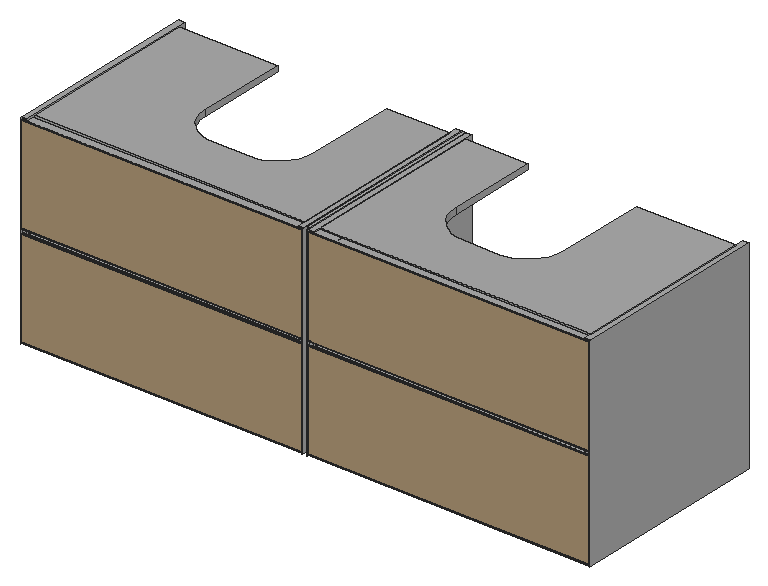
Revit family "vanity unit-hansgrohe-54201XXX-Xevolos E Vanity unit Slate Matt Grey 1570_550 with 4 drawers for consoles with 2 countertop basins ground", category Furniture, Revit 2019 (continued)
Types (6, lengths in mm): name | SURFACE | NB | Model | MIdent | LODLEVEL | LINA | IDNR | ARTNR | 54201770-SLATE_MATT_GREY-METALLIC_SLATE_GREY-400_RX0RY0RZ0TX0TY0TZ0_V | 54201770-SLATE_MATT_GREY-METALLIC_SLATE_GREY-200_RX0RY0RZ0TX0TY0TZ0_V | 54201730-SLATE_MATT_GREY-DARK_OAK-400_RX0RY0RZ0TX0TY0TZ0_V | 54201730-SLATE_MATT_GREY-DARK_OAK-200_RX0RY0RZ0TX0TY0TZ0_V | 54201390-SLATE_MATT_GREY-PATTEREND_BRONZE-400_RX0RY0RZ0TX0TY0TZ0_V | 54201390-SLATE_MATT_GREY-PATTEREND_BRONZE-200_RX0RY0RZ0TX0TY0TZ0_V
  54201390-SLATE_MATT_GREY-PATTEREND_BRONZE-400 | "PATTEREND_BRONZE" | "54201390-SLATE_MATT_GREY-PATTEREND_BRONZE-400" | "54201390-SLATE_MATT_GREY-PATTEREND_BRONZE-400" | "{$CADENAS_DATA/23d-libs/hansgrohe/xevolos_furniture/e_vanity_unit_4drawers_consoles_2countertop_basin/vanity_unit_4drawers_consoles_2countertopbasin.prj},304 {VTYP=3D},{NB=54201390-SLATE_MATT_GREY-PATTEREND_BRONZE-400},{LINA=54201390-SLATE_MATT_GREY-PATTEREND_BRONZE-400},{NN=Vanity unit with 4 drawers for consoles with 2 countertop basins ground},{DATE=13.03.2023 11:55:27},{GEOMDATE=12.03.2023 06:39:00},{VERSION=},{LINEID=160},{WBVAR=LODLEVEL},{WBNUMERIC=}  {NB=54201390-SLATE_MATT_GREY-PATTEREND_BRONZE-400},{LINA=54201390-SLATE_MATT_GREY-PATTEREND_BRONZE-400},{KT=DUMMY},{IDNR=16},{ARTNR=54201390},{BASENUMBER=54201},{MODEL=54201XXX},{OBERFLAECHE=SLATE_MATT_GREY},{SURFACE=PATTEREND_BRONZE},{L=1570},{LODLEVEL=400},{LODLEVELX='400','400','200','200'},{NAME=Xevolos E Vanity unit Slate Matt Grey 1570/550 with 4 drawers for consoles with 2 countertop basins ground},{PERMALINK=54201XXX},{OBJECTTYPE=Object (single object)},{BIMOBJECT=Sanitary: Compound units},{COLLECTIONSET=Xevolos E},{COLLECTION=vanity unit},{WEIGHT=86.9},{DESCRIPTION=Xevolos E Vanity unit Slate Matt Grey 1570/550 with 4 drawers for consoles with 2 countertop basins ground},{PRODUCTURL=https://pro.hansgrohe.com/articledetail--54201770},{GTINCODE=0},{TENDERURL=0},{IFC=Furnishing element},{ETIM=EC011381 | Bathroom furniture set},{UNICLASS2015=Pr_40_30_78_05 | Bathroom furniture},{OMNICLASS=23-21 19 15 33 13 | Residential Bathroom Specialty Casework},{MASTERFORMAT=12 35 30.23 | Bathroom Casework},{UNSPSC=56 | Furniture and Furnishings},{UNIFORMATII=E2010 | Fixed Furnishings},{REGION=Worldwide},{DESIGN=Germany},{MANUFACTURER=Germany}" | "400" | "54201390-SLATE_MATT_GREY-PATTEREND_BRONZE-400" | 16 | "54201390" | no | no | no | no | yes | no
  54201730-SLATE_MATT_GREY-DARK_OAK-200 | "DARK_OAK" | "54201730-SLATE_MATT_GREY-DARK_OAK-200" | "54201730-SLATE_MATT_GREY-DARK_OAK-200" | "{$CADENAS_DATA/23d-libs/hansgrohe/xevolos_furniture/e_vanity_unit_4drawers_consoles_2countertop_basin/vanity_unit_4drawers_consoles_2countertopbasin.prj},288 {VTYP=3D},{NB=54201730-SLATE_MATT_GREY-DARK_OAK-200},{LINA=54201730-SLATE_MATT_GREY-DARK_OAK-200},{NN=Vanity unit with 4 drawers for consoles with 2 countertop basins ground},{DATE=13.03.2023 11:55:27},{GEOMDATE=12.03.2023 06:39:00},{VERSION=},{LINEID=170},{WBVAR=LODLEVEL},{WBNUMERIC=}  {NB=54201730-SLATE_MATT_GREY-DARK_OAK-200},{LINA=54201730-SLATE_MATT_GREY-DARK_OAK-200},{KT=DUMMY},{IDNR=17},{ARTNR=54201730},{BASENUMBER=54201},{MODEL=54201XXX},{OBERFLAECHE=SLATE_MATT_GREY},{SURFACE=DARK_OAK},{L=1570},{LODLEVEL=200},{LODLEVELX='400','400','200','200'},{NAME=Xevolos E Vanity unit Slate Matt Grey 1570/550 with 4 drawers for consoles with 2 countertop basins ground},{PERMALINK=54201XXX},{OBJECTTYPE=Object (single object)},{BIMOBJECT=Sanitary: Compound units},{COLLECTIONSET=Xevolos E},{COLLECTION=vanity unit},{WEIGHT=86.9},{DESCRIPTION=Xevolos E Vanity unit Slate Matt Grey 1570/550 with 4 drawers for consoles with 2 countertop basins ground},{PRODUCTURL=https://pro.hansgrohe.com/articledetail--54201770},{GTINCODE=0},{TENDERURL=0},{IFC=Furnishing element},{ETIM=EC011381 | Bathroom furniture set},{UNICLASS2015=Pr_40_30_78_05 | Bathroom furniture},{OMNICLASS=23-21 19 15 33 13 | Residential Bathroom Specialty Casework},{MASTERFORMAT=12 35 30.23 | Bathroom Casework},{UNSPSC=56 | Furniture and Furnishings},{UNIFORMATII=E2010 | Fixed Furnishings},{REGION=Worldwide},{DESIGN=Germany},{MANUFACTURER=Germany}" | "200" | "54201730-SLATE_MATT_GREY-DARK_OAK-200" | 17 | "54201730" | no | no | no | yes | no | no
  54201730-SLATE_MATT_GREY-DARK_OAK-400 | "DARK_OAK" | "54201730-SLATE_MATT_GREY-DARK_OAK-400" | "54201730-SLATE_MATT_GREY-DARK_OAK-400" | "{$CADENAS_DATA/23d-libs/hansgrohe/xevolos_furniture/e_vanity_unit_4drawers_consoles_2countertop_basin/vanity_unit_4drawers_consoles_2countertopbasin.prj},288 {VTYP=3D},{NB=54201730-SLATE_MATT_GREY-DARK_OAK-400},{LINA=54201730-SLATE_MATT_GREY-DARK_OAK-400},{NN=Vanity unit with 4 drawers for consoles with 2 countertop basins ground},{DATE=13.03.2023 11:55:27},{GEOMDATE=12.03.2023 06:39:00},{VERSION=},{LINEID=170},{WBVAR=LODLEVEL},{WBNUMERIC=}  {NB=54201730-SLATE_MATT_GREY-DARK_OAK-400},{LINA=54201730-SLATE_MATT_GREY-DARK_OAK-400},{KT=DUMMY},{IDNR=17},{ARTNR=54201730},{BASENUMBER=54201},{MODEL=54201XXX},{OBERFLAECHE=SLATE_MATT_GREY},{SURFACE=DARK_OAK},{L=1570},{LODLEVEL=400},{LODLEVELX='400','400','200','200'},{NAME=Xevolos E Vanity unit Slate Matt Grey 1570/550 with 4 drawers for consoles with 2 countertop basins ground},{PERMALINK=54201XXX},{OBJECTTYPE=Object (single object)},{BIMOBJECT=Sanitary: Compound units},{COLLECTIONSET=Xevolos E},{COLLECTION=vanity unit},{WEIGHT=86.9},{DESCRIPTION=Xevolos E Vanity unit Slate Matt Grey 1570/550 with 4 drawers for consoles with 2 countertop basins ground},{PRODUCTURL=https://pro.hansgrohe.com/articledetail--54201770},{GTINCODE=0},{TENDERURL=0},{IFC=Furnishing element},{ETIM=EC011381 | Bathroom furniture set},{UNICLASS2015=Pr_40_30_78_05 | Bathroom furniture},{OMNICLASS=23-21 19 15 33 13 | Residential Bathroom Specialty Casework},{MASTERFORMAT=12 35 30.23 | Bathroom Casework},{UNSPSC=56 | Furniture and Furnishings},{UNIFORMATII=E2010 | Fixed Furnishings},{REGION=Worldwide},{DESIGN=Germany},{MANUFACTURER=Germany}" | "400" | "54201730-SLATE_MATT_GREY-DARK_OAK-400" | 17 | "54201730" | no | no | yes | no | no | no
  54201770-SLATE_MATT_GREY-METALLIC_SLATE_GREY-200 | "METALLIC_SLATE_GREY" | "54201770-SLATE_MATT_GREY-METALLIC_SLATE_GREY-200" | "54201770-SLATE_MATT_GREY-METALLIC_SLATE_GREY-200" | "{$CADENAS_DATA/23d-libs/hansgrohe/xevolos_furniture/e_vanity_unit_4drawers_consoles_2countertop_basin/vanity_unit_4drawers_consoles_2countertopbasin.prj},310 {VTYP=3D},{NB=54201770-SLATE_MATT_GREY-METALLIC_SLATE_GREY-200},{LINA=54201770-SLATE_MATT_GREY-METALLIC_SLATE_GREY-200},{NN=Vanity unit with 4 drawers for consoles with 2 countertop basins ground},{DATE=13.03.2023 11:55:27},{GEOMDATE=12.03.2023 06:39:00},{VERSION=},{LINEID=180},{WBVAR=LODLEVEL},{WBNUMERIC=}  {NB=54201770-SLATE_MATT_GREY-METALLIC_SLATE_GREY-200},{LINA=54201770-SLATE_MATT_GREY-METALLIC_SLATE_GREY-200},{KT=DUMMY},{IDNR=18},{ARTNR=54201770},{BASENUMBER=54201},{MODEL=54201XXX},{OBERFLAECHE=SLATE_MATT_GREY},{SURFACE=METALLIC_SLATE_GREY},{L=1570},{LODLEVEL=200},{LODLEVELX='400','400','200','200'},{NAME=Xevolos E Vanity unit Slate Matt Grey 1570/550 with 4 drawers for consoles with 2 countertop basins ground},{PERMALINK=54201XXX},{OBJECTTYPE=Object (single object)},{BIMOBJECT=Sanitary: Compound units},{COLLECTIONSET=Xevolos E},{COLLECTION=vanity unit},{WEIGHT=86.9},{DESCRIPTION=Xevolos E Vanity unit Slate Matt Grey 1570/550 with 4 drawers for consoles with 2 countertop basins ground},{PRODUCTURL=https://pro.hansgrohe.com/articledetail--54201770},{GTINCODE=0},{TENDERURL=0},{IFC=Furnishing element},{ETIM=EC011381 | Bathroom furniture set},{UNICLASS2015=Pr_40_30_78_05 | Bathroom furniture},{OMNICLASS=23-21 19 15 33 13 | Residential Bathroom Specialty Casework},{MASTERFORMAT=12 35 30.23 | Bathroom Casework},{UNSPSC=56 | Furniture and Furnishings},{UNIFORMATII=E2010 | Fixed Furnishings},{REGION=Worldwide},{DESIGN=Germany},{MANUFACTURER=Germany}" | "200" | "54201770-SLATE_MATT_GREY-METALLIC_SLATE_GREY-200" | 18 | "54201770" | no | yes | no | no | no | no
  54201770-SLATE_MATT_GREY-METALLIC_SLATE_GREY-400 | "METALLIC_SLATE_GREY" | "54201770-SLATE_MATT_GREY-METALLIC_SLATE_GREY-400" | "54201770-SLATE_MATT_GREY-METALLIC_SLATE_GREY-400" | "{$CADENAS_DATA/23d-libs/hansgrohe/xevolos_furniture/e_vanity_unit_4drawers_consoles_2countertop_basin/vanity_unit_4drawers_consoles_2countertopbasin.prj},310 {VTYP=3D},{NB=54201770-SLATE_MATT_GREY-METALLIC_SLATE_GREY-400},{LINA=54201770-SLATE_MATT_GREY-METALLIC_SLATE_GREY-400},{NN=Vanity unit with 4 drawers for consoles with 2 countertop basins ground},{DATE=13.03.2023 11:55:27},{GEOMDATE=12.03.2023 06:39:00},{VERSION=},{LINEID=180},{WBVAR=LODLEVEL},{WBNUMERIC=}  {NB=54201770-SLATE_MATT_GREY-METALLIC_SLATE_GREY-400},{LINA=54201770-SLATE_MATT_GREY-METALLIC_SLATE_GREY-400},{KT=DUMMY},{IDNR=18},{ARTNR=54201770},{BASENUMBER=54201},{MODEL=54201XXX},{OBERFLAECHE=SLATE_MATT_GREY},{SURFACE=METALLIC_SLATE_GREY},{L=1570},{LODLEVEL=400},{LODLEVELX='400','400','200','200'},{NAME=Xevolos E Vanity unit Slate Matt Grey 1570/550 with 4 drawers for consoles with 2 countertop basins ground},{PERMALINK=54201XXX},{OBJECTTYPE=Object (single object)},{BIMOBJECT=Sanitary: Compound units},{COLLECTIONSET=Xevolos E},{COLLECTION=vanity unit},{WEIGHT=86.9},{DESCRIPTION=Xevolos E Vanity unit Slate Matt Grey 1570/550 with 4 drawers for consoles with 2 countertop basins ground},{PRODUCTURL=https://pro.hansgrohe.com/articledetail--54201770},{GTINCODE=0},{TENDERURL=0},{IFC=Furnishing element},{ETIM=EC011381 | Bathroom furniture set},{UNICLASS2015=Pr_40_30_78_05 | Bathroom furniture},{OMNICLASS=23-21 19 15 33 13 | Residential Bathroom Specialty Casework},{MASTERFORMAT=12 35 30.23 | Bathroom Casework},{UNSPSC=56 | Furniture and Furnishings},{UNIFORMATII=E2010 | Fixed Furnishings},{REGION=Worldwide},{DESIGN=Germany},{MANUFACTURER=Germany}" | "400" | "54201770-SLATE_MATT_GREY-METALLIC_SLATE_GREY-400" | 18 | "54201770" | yes | no | no | no | no | no
